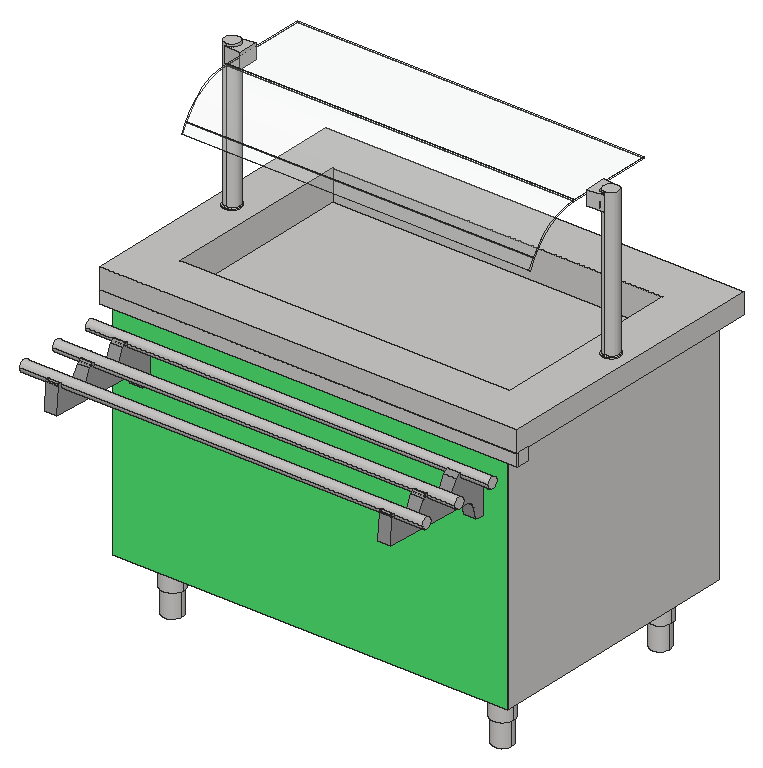
Revit family "QF_BOURGEAT_Self_meuble_cuve_froid_statique_baie_libre_3GN", category Equipement spécialisé, Revit 2015
Parameters (values of type "baie _libre_cuve90_presentoir_lampe_LED")
  profondeur_cuve = 90 mm
  presentoir = yes
  porte_reserve = no
  etageres = no
  URL catalogue = "http://www.bourgeat.fr"
  URL = ""
  Type de Raccord Electrique = ""
  Type article = ""
  Type Fluide Frigorigène = "R404a"
  Tension = 230 V
  Spécification du Fabricant = "meuble cuve froid statique OASIS"
  Roues = no
  Remarques Electricité = ""
  Puissance électrique  = 724 W
  Puissance frigorifique = "272W"
  Profondeur hors tout = 820 mm
  Poids net à vide = 215.00 kg
  Pieds_centre = no
  Pieds = yes
  Phase = 2
  Niveau Sonore = "60dBa"
  Nature isolant = "polyurethane"
  Modèle = "853093 + 853323"
  Longueur hors tout = 1209 mm
  Intensité nominale = 3.14783 A
  Indice de protection = "21"
  Hauteur hors tout = 900 mm
  Fréquence = 50 Hz
  Fabricant = "BOURGEAT"
  Contact SAV = "0033(0)4.76.32.14.44"
  Classe_climatique = "3"
  Charge_gaz = ""
  Charge max = 200.00 kg
Reference planes
  plane 1 "Centre (avant/arrière)": y = 0
  plane 2: z = 0
  plane 3 "Centre (gauche/droite)": x = 0
  plane 4: y = 812
  plane 5: y = 668.25
  plane 6: y = 97.194
  plane 7: z = 235
  plane 8: z = 515
  plane 9: y = 555
  plane 10: x = -2047
  plane 11: z = 638
Forms (mm)
  Extrusion 1, solid
    sketch origin (-29.925, 3.363, 0) x (1, 0, 0) y (0, 1, 0)
      loop
        circle (-2016.075, 551.637) r 5
    from 154.552 to 160
  Extrusion 2, solid, material "Acier inoxydable, brossé"
    sketch origin (0, 0, 0) x (1, 0, 0) y (0, 1, 0)
      loop
        line (-1178, 760) -> (-1589, 760) -> (-1589, 80) -> (-1178, 80) -> (-1178, 760)
    from 160 to 197
Dimensions and locks
  locked: plane 4 to nested 1 at 47
  locked: nested 1 to plane 6 at 97.194
  locked: nested 1 to plane 5 at 96.75
  nested 2 to nested 1 = 561 mm
  nested 1 to nested 2 = 237 mm
  plane 8 to nested 7 = 515 mm
  plane 7 to nested 7 = 235 mm
  plane 3 "Centre (gauche/droite)" to nested 2 = 941 mm
  locked: plane 2 to nested 11 at 727
  locked: nested 1 to nested 11 at 69.625
  locked: plane 4 to plane 9 at 257
  locked: plane 2 to nested 18 at 223
  locked: nested 1 to plane 10 at 69
  locked: plane 11 to plane 2 at 638
  aligned and locked: level to plane 2
  aligned and locked: nested 2 to nested 1  (x2)
  aligned and locked: nested 1 to plane 1 "Centre (avant/arrière)"
  aligned and locked: plane 4 to nested 2
  aligned and locked: nested 2 to nested 3  (x2)
  aligned and locked: nested 1 to nested 6
  aligned and locked: nested 1 to nested 7
  aligned and locked: nested 1 to nested 5
  aligned and locked: nested 1 to nested 4
  aligned and locked: nested 6 to plane 2
  aligned and locked: nested 2 to nested 5
  aligned and locked: nested 2 to nested 4
  aligned and locked: nested 6 to plane 5
  aligned and locked: nested 7 to plane 6
  aligned and locked: nested 4 to plane 5
  aligned and locked: nested 5 to plane 6
  aligned and locked: nested 3 to nested 2
  aligned and locked: nested 6 to nested 2
  aligned and locked: nested 7 to nested 2
  aligned and locked: nested 9 to nested 1  (x2)
  aligned and locked: nested 8 to nested 1  (x2)
  aligned and locked: nested 9 to plane 8
  aligned and locked: nested 8 to plane 7
  aligned and locked: nested 10 to nested 1
  aligned and locked: nested 1 to nested 11
  aligned and locked: Extrusion 1 to nested 1
  aligned and locked: nested 6 to nested 15  (x2)
  aligned and locked: nested 4 to nested 12  (x2)
  aligned and locked: nested 5 to nested 13  (x2)
  aligned and locked: nested 7 to nested 14  (x2)
  aligned and locked: Extrusion 1 sketch curve to plane 9
  aligned and locked: nested 1 to Extrusion 1 sketch curve
  aligned and locked: nested 1 to nested 14
  aligned and locked: nested 1 to nested 15
  aligned and locked: nested 1 to nested 13
  aligned and locked: nested 1 to nested 12
  aligned and locked: Extrusion 2 sketch curve to nested 1  (x2)
  aligned and locked: nested 1 to Extrusion 2 sketch curve
  aligned and locked: Extrusion 2 sketch curve to nested 10
  aligned and locked: nested 17 to nested 16
  aligned and locked: nested 2 to nested 17
  aligned and locked: nested 17 to plane 6
  aligned and locked: nested 16 to plane 5
  aligned and locked: nested 18 to nested 1
  aligned and locked: nested 18 to plane 10
  aligned and locked: nested 19 to nested 2
  aligned and locked: nested 19 to nested 1
  aligned and locked: plane 11 to nested 19
Nested families
  nested 1: "corps_meuble" at (-975, 0, 160), type "corps_meuble"
  nested 2: "cuve" at (-1545.5, 402, 808), type "cuve_30"
  nested 3: "presentoir" at (-1545.5, 402, 551.997) x (0, 1, 0) z (0, 0, 1), visible <- "presentoir", type "presentoir"
  nested 4: "pied" at (-1068, 668.25, 0), visible <- "Pieds", type "pied"
  nested 5: "pied" at (-1068, 97.194, 0), visible <- "Pieds", type "pied"
  nested 6: "pied" at (-2023, 668.25, 0), visible <- "Pieds", type "pied"
  nested 7: "pied" at (-2023, 97.194, 0), visible <- "Pieds", type "pied"
  nested 8: "etagere" at (-1383.5, 80, 197) x (-1, 0, 0) z (0, 0, 1), visible <- "etageres", type "etagere"
  nested 9: "etagere" at (-1383.5, 80, 477) x (-1, 0, 0) z (0, 0, 1), visible <- "etageres", type "etagere"
  nested 10: "bandeau_h83" at (-1383.5, 760, 757), type "bandeau_h83"
  nested 11: "IHM_horizontal" at (-1951.875, 765, 727) x (-1, 0, 0) z (0, 0, 1), type "IHM_horizontal"
  nested 12: "roue_ht160" at (-1068, 668.25, -0.21), visible <- "Roues", type "roue_ht160"
    with Sans frein yes, Avec frein yes
  nested 13: "roue_ht160" at (-1068, 97.194, -0.21), visible <- "Roues", type "roue_ht160"
    with Sans frein yes, Avec frein yes
  nested 14: "roue_ht160" at (-2023, 97.194, -0.21), visible <- "Roues", type "roue_ht160"
    with Sans frein yes, Avec frein yes
  nested 15: "roue_ht160" at (-2023, 668.25, -0.21), visible <- "Roues", type "roue_ht160"
    with Sans frein yes, Avec frein yes
  nested 16: "pied" at (-1545.5, 668.25, 0), visible <- "Pieds_centre", type "pied"
  nested 17: "pied" at (-1545.5, 97.194, 0), visible <- "Pieds_centre", type "pied"
  nested 18: "porte_groupe_froid" at (-1827, 775, 53), type "lg440"
  nested 19: "barre_et_console" at (-1545.5, 0, 463) x (-1, 0, 0) z (0, 0, 1), type "barre_et_console"
Connectors
  electrical at (-2046, 555, 154.552), driven by "Tension"
    settings: on Extrusion 1, index 1, voltage 230 V, apparent load 0 VA, apparent load phase1 700 VA, apparent load phase2 0 VA, apparent load phase3 0 VA, power factor 1, load classification "Autre", number of poles 2, system type 30, power factor state 1, is connector primary yes, connector utility no, sub classification motor no, connector description ""
Definition of nested family "corps_meuble"
  Parameters (values of type "corps_meuble")
    lg_ouverture_cuve = lg_meuble - 200 mm  # 941 mm
    lg_meuble = Largeur_hors_tout - 68 mm  # 1141 mm
    Largeur_hors_tout = 1209 mm
  Reference planes
    plane 1 "Centre (avant/arrière)": y = 0
    plane 2: z = 0
    plane 3 "Centre (gauche/droite)": x = 0
    plane 4: z = 680
    plane 5: x = -570.5
    plane 6: x = 0
    plane 7: x = -1141
    plane 8: x = -1071
    plane 9: x = -70
    plane 10: x = -614
    plane 11: x = -203
    plane 12: y = 382.5
    plane 13: x = -1044
    plane 14: y = -1
  Forms (mm)
    Extrusion 1, solid
      sketch origin (0, -50.814, 0) x (1, 0, 0) y (0, 1, 0)
        loop
          line (-1141, 815.814) -> (-1141, 50.814) -> (0, 50.814) -> (0, 815.814) -> (-203, 815.814) -> (-203, 130.814) -> (-614, 130.814) -> (-614, 815.814) -> (-1141, 815.814)
      from 0 to 680
    Extrusion 2, void
      sketch origin (0, 0, 0) x (1, 0, 0) y (0, 1, 0)
        loop
          line (-1071, 739.99) -> (-1071, 39.99) -> (-70, 39.99) -> (-70, 739.99) -> (-1071, 739.99)
      from 588.119 to 680
    Extrusion 3, solid
      sketch origin (0, 0, 0) x (1, 0, 0) y (0, 0, 1)
        loop
          line (-1141, 680) -> (-1141, 0) -> (0, 0) -> (0, 680) -> (-1141, 680)
      from 0 to 1
  Cuts and joins
    Extrusion 2 cuts Extrusion 1
  Dimensions and locks
    locked: plane 4 to plane 2 at 680
    locked: plane 7 to plane 8 at 70
    "lg_meuble": plane 7 to plane 3 "Centre (gauche/droite)"
    equal spacing: plane 7, plane 5, plane 3 "Centre (gauche/droite)"
    locked: plane 7 to plane 10 at 527
    locked: plane 11 to plane 3 "Centre (gauche/droite)" at 203
    locked: plane 9 to plane 3 "Centre (gauche/droite)" at 70
    locked: plane 7 to plane 13 at 97
    aligned and locked: level to plane 2
    aligned and locked: Extrusion 1 sketch curve to Extrusion 1 sketch curve
    aligned and locked: plane 4 to Extrusion 1
    aligned and locked: plane 3 "Centre (gauche/droite)" to plane 6
    aligned and locked: plane 9 to Extrusion 2
    aligned and locked: plane 3 "Centre (gauche/droite)" to cut or joined group of Extrusion 1, Extrusion 2
    aligned and locked: cut or joined group of Extrusion 1, Extrusion 2 to plane 7
    aligned and locked: cut or joined group of Extrusion 1, Extrusion 2 to plane 8
    aligned and locked: plane 10 to cut or joined group of Extrusion 1, Extrusion 2
    aligned and locked: cut or joined group of Extrusion 1, Extrusion 2 to plane 11
    aligned and locked: Extrusion 3 sketch curve to cut or joined group of Extrusion 1, Extrusion 2  (x4)
    aligned and locked: Extrusion 3 to plane 14
  Automatic sketch dimensions
    Extrusion 1 sketch curve to plane 1 "Centre (avant/arrière)" = 0 mm
    Extrusion 1 sketch curve to Extrusion 1 sketch curve = 685 mm
    Extrusion 1 sketch curve to plane 3 "Centre (gauche/droite)" = 0 mm
    Extrusion 1 sketch curve to plane 5 = 43.5 mm
    Extrusion 1 sketch curve to plane 5 = 570.5 mm
    Extrusion 1 sketch curve to plane 1 "Centre (avant/arrière)" = 80 mm
    Extrusion 1 sketch curve to Extrusion 1 sketch curve = 765 mm
    Extrusion 1 sketch curve to plane 9 = 133 mm
    Extrusion 2 sketch curve to plane 8 = 0 mm
    Extrusion 2 sketch curve to plane 9 = 0 mm
    Extrusion 2 sketch curve to plane 1 "Centre (avant/arrière)" = 39.99 mm
    plane 12 to Extrusion 2 sketch curve = 357.49 mm
Definition of nested family "cuve"
  Parameters (values of type "cuve_30")
    profondeur_cuve = 90 mm
    lg_cuve = 1209 mm
  Reference planes
    plane 1 "Centre (avant/arrière)": y = 0
    plane 2: z = 0
    plane 3 "Centre (gauche/droite)": x = 0
    plane 4: y = 410
    plane 5: y = -410
    plane 6: x = -604.5
    plane 7: x = 604.5
    plane 8: z = 92
    plane 9: y = 277
    plane 10: y = -277
    plane 11: x = 477.5
    plane 12: x = -477.5
    plane 13: z = 2
    plane 14: y = -279
    plane 15: x = -479.5
    plane 16: y = 279
    plane 17: x = 479.5
    plane 18: z = 32
    plane 19: y = -408
    plane 20: z = 82
    plane 21: z = -4
  Forms (mm)
    Extrusion 1, solid
      sketch origin (12, -10, 0) x (1, 0, 0) y (0, 1, 0)
        loop
          line (-616.5, 420) -> (-616.5, -400) -> (592.5, -400) -> (592.5, 420) -> (-616.5, 420)
      from 0 to 92
    Extrusion 2, void
      sketch origin (0, 0, 0) x (1, 0, 0) y (0, 1, 0)
        loop
          line (-477.5, 277) -> (-477.5, -277) -> (477.5, -277) -> (477.5, 277) -> (-477.5, 277)
      from 2 to 250
    Extrusion 3, void
      sketch origin (0, 0, 0) x (1, 0, 0) y (0, 1, 0)
        loop
          line (-479.5, 279) -> (-479.5, -279) -> (479.5, -279) -> (479.5, 279) -> (-479.5, 279)
        loop
          line (-674.5, 480) -> (-674.5, -480) -> (674.5, -480) -> (674.5, 480) -> (-674.5, 480)
      from 0 to 32
    Extrusion 4, solid
      sketch origin (0, 0, 0) x (1, 0, 0) y (0, 1, 0)
        loop
          line (-604.5, -408) -> (-604.5, -410) -> (604.5, -410) -> (604.5, -408) -> (-604.5, -408)
      from -4 to 32
    Extrusion 5, solid
      sketch origin (0, 0, 0) x (0, 1, 0) y (0, 0, 1)
        loop
          line (-408, -4) -> (-370, -4) -> (-370, 32) -> (-408, 32) -> (-408, -4)
      from -604.5 to 604.5
  Cuts and joins
    Extrusion 2, Extrusion 3 cuts Extrusion 1
  Dimensions and locks
    equal spacing: plane 4, plane 1 "Centre (avant/arrière)", plane 5, locked at 410 each
    plane 4 to plane 5 = 820 mm
    equal spacing: plane 6, plane 3 "Centre (gauche/droite)", plane 7
    "lg_cuve": plane 6 to plane 7
    plane 8 to plane 2 = 92 mm
    locked: plane 5 to plane 10 at 133
    locked: plane 4 to plane 9 at 133
    locked: plane 11 to plane 7 at 127
    locked: plane 6 to plane 12 at 127
    locked: plane 16 to plane 9 at 2
    locked: plane 15 to plane 12 at 2
    locked: plane 14 to plane 10 at 2
    locked: plane 11 to plane 17 at 2
    locked: Extrusion 3 sketch curve to plane 6 at 70
    locked: Extrusion 3 sketch curve to plane 5 at 70
    locked: plane 7 to Extrusion 3 sketch curve at 70
    locked: Extrusion 3 sketch curve to plane 4 at 70
    locked: plane 8 to plane 18 at 60
    locked: plane 5 to plane 19 at 2
    locked: plane 21 to plane 18 at 36
    locked: cut or joined group of Extrusion 1, Extrusion 2, Extrusion 3 to cut or joined group of Extrusion 1, Extrusion 2, Extrusion 3 at 554
    "profondeur_cuve": plane 8 to plane 13
    aligned and locked: plane 2 to level
    aligned and locked: plane 6 to Extrusion 1 sketch curve
    aligned and locked: Extrusion 1 sketch curve to plane 7
    aligned and locked: plane 8 to Extrusion 1
    aligned and locked: plane 4 to Extrusion 1
    aligned and locked: plane 5 to Extrusion 1
    aligned and locked: Extrusion 2 sketch curve to plane 9
    aligned and locked: Extrusion 2 sketch curve to plane 12
    aligned and locked: Extrusion 2 sketch curve to plane 10
    aligned and locked: Extrusion 2 sketch curve to plane 11
    aligned and locked: cut or joined group of Extrusion 1, Extrusion 2, Extrusion 3 to plane 13
    aligned and locked: Extrusion 3 sketch curve to plane 16
    aligned and locked: Extrusion 3 sketch curve to plane 15
    aligned and locked: Extrusion 3 sketch curve to plane 14
    aligned and locked: Extrusion 3 sketch curve to plane 17
    aligned and locked: cut or joined group of Extrusion 1, Extrusion 2, Extrusion 3 to plane 18
    aligned and locked: Extrusion 4 sketch curve to plane 19
    aligned and locked: plane 6 to Extrusion 4 sketch curve
    aligned and locked: Extrusion 4 sketch curve to cut or joined group of Extrusion 1, Extrusion 2, Extrusion 3  (x2)
    aligned and locked: cut or joined group of Extrusion 1, Extrusion 2, Extrusion 3 to Extrusion 4
    aligned and locked: plane 18 to Extrusion 5 sketch curve
    aligned and locked: Extrusion 4 to Extrusion 5 sketch curve
    aligned and locked: cut or joined group of Extrusion 1, Extrusion 2, Extrusion 3 to Extrusion 5
    aligned and locked: Extrusion 5 to cut or joined group of Extrusion 1, Extrusion 2, Extrusion 3
    aligned and locked: plane 21 to Extrusion 5 sketch curve
    aligned and locked: Extrusion 4 to Extrusion 5
  Automatic sketch dimensions
    Extrusion 1 sketch curve to plane 5 = 0 mm
    plane 4 to Extrusion 1 sketch curve = 0 mm
    Extrusion 5 sketch curve to plane 5 = 2 mm
    Extrusion 5 sketch curve to Extrusion 5 sketch curve = 38 mm
Definition of nested family "presentoir"
  Parameters (values of type "presentoir")
    lg_presentoir = lg_ht - 112 mm  # 1097 mm
    lg_ht = 1209 mm
  Reference planes
    plane 1 "Centre (avant/arrière)": y = 0
    plane 2: z = 0
    plane 3 "Centre (gauche/droite)": x = 0
    plane 4: x = 0
    plane 5: y = 0
    plane 6: z = 348.003
    plane 7: z = 775.003
    plane 8: z = 353.003
    plane 9: z = 770.54
    plane 10: z = 727.003
    plane 11: y = 548.5
    plane 12: y = -548.5
    plane 13: y = 548.5
    plane 14: y = -548.5
  Forms (mm)
    Extrusion 1, solid
      sketch origin (0, 0, 0) x (1, 0, 0) y (0, 0, 1)
        loop
          line (-240.07, 650.474) -> (-234.874, 647.474) -> (-219.875, 673.453)
          arc (-219.875, 673.453) -> (-158.748, 734.58) -> (-75.248, 756.953) r 167
          line (-75.248, 756.953) -> (179.75, 756.953) -> (179.75, 762.953) -> (-75.248, 762.953)
          arc (-75.248, 762.953) -> (-161.33, 740.45) -> (-224.372, 677.664) r 170.59
          line (-224.372, 677.664) -> (-240.07, 650.474)
      from -503.5 to 503.5
    Extrusion 2, solid
      sketch origin (0, 0, 0) x (1, 0, 0) y (0, 1, 0)
        loop
          line (-25, 548.5) -> (-30.461, 503.5) -> (30.461, 503.5) -> (25, 548.5)
          arc (25, 548.5) -> (0, 523.5) -> (-25, 548.5) r 25
        loop
          arc (-25, -548.5) -> (0, -523.5) -> (25, -548.5) r 25
          line (25, -548.5) -> (30.461, -503.5) -> (-30.461, -503.5) -> (-25, -548.5)
      from 727.003 to 770.54
    Extrusion 3, solid
      sketch origin (0, -396.5, 0) x (1, 0, 0) y (0, 1, 0)
        loop
          circle (0, 945) r 21.2
        loop
          circle (0, -152) r 21.2
      from 353.003 to 775.003
    Revolve 4, solid
      sketch origin (0, 0, 0) x (0, 1, 0) y (0, 0, 1)
        loop
          line (-548.5, 353.003) -> (-569.7, 353.003) -> (-573.5, 349.203) -> (-573.5, 348.003) -> (-548.5, 348.003) -> (-548.5, 353.003)
        axis (-548.5, 353.003) -> (-548.5, 348.003)
      angle from 0 to 360
    Revolve 5, solid
      sketch origin (0, 0, 0) x (0, -1, 0) y (0, 0, 1)
        loop
          line (-548.5, 353.003) -> (-569.7, 353.003) -> (-573.5, 349.203) -> (-573.5, 348.003) -> (-548.5, 348.003) -> (-548.5, 353.003)
        axis (-548.5, 353.003) -> (-548.5, 348.003)
      angle from 0 to 360
  Dimensions and locks
    equal spacing: plane 11, plane 1 "Centre (avant/arrière)", plane 12
    "lg_presentoir": plane 11 to plane 12
    locked: Extrusion 2 sketch curve to plane 14 at 45
    locked: plane 13 to Extrusion 2 sketch curve at 45
    aligned and locked: level to plane 2
    aligned and locked: plane 3 "Centre (gauche/droite)" to plane 4
    aligned and locked: Extrusion 3 to plane 7
    aligned and locked: plane 8 to Extrusion 3
    aligned and locked: Extrusion 2 to plane 9
    aligned and locked: plane 10 to Extrusion 2
    aligned and locked: plane 1 "Centre (avant/arrière)" to plane 5
    aligned and locked: plane 11 to Extrusion 3
    aligned and locked: plane 12 to Extrusion 3
    aligned and locked: plane 13 to plane 11
    aligned and locked: plane 14 to plane 12
    aligned and locked: Extrusion 1 to Extrusion 2  (x2)
  Automatic sketch dimensions
    Extrusion 1 sketch curve to plane 3 "Centre (gauche/droite)" = 240.07 mm
    plane 10 to Extrusion 1 sketch curve = 79.529 mm
    Extrusion 1 sketch curve to Extrusion 1 sketch curve = 5.196 mm
    plane 10 to Extrusion 1 sketch curve = 49.34 mm
    Extrusion 1 sketch curve to Extrusion 1 sketch curve = 15.698 mm
    plane 10 to Extrusion 1 sketch curve = 53.55 mm
    Extrusion 1 sketch curve to plane 3 "Centre (gauche/droite)" = 76.636 mm
    Extrusion 1 sketch curve to Extrusion 1 sketch curve = 1.388 mm
    Extrusion 1 sketch curve to Extrusion 1 sketch curve = 0 mm
    plane 9 to Extrusion 1 sketch curve = 13.587 mm
    plane 3 "Centre (gauche/droite)" to Extrusion 1 sketch curve = 179.75 mm
    Extrusion 1 sketch curve to Extrusion 1 sketch curve = 2.415 mm
    Extrusion 2 sketch curve to plane 14 = 0 mm
    plane 11 to Extrusion 2 sketch curve = 0 mm
    Extrusion 2 sketch curve to plane 3 "Centre (gauche/droite)" = 0 mm  (x2)
    Extrusion 2 sketch curve to Extrusion 2 sketch curve = 25 mm  (x2)
    Extrusion 2 sketch curve to plane 3 "Centre (gauche/droite)" = 30.461 mm  (x2)
    plane 3 "Centre (gauche/droite)" to Extrusion 2 sketch curve = 30.461 mm  (x2)
    Extrusion 3 sketch curve to plane 3 "Centre (gauche/droite)" = 0 mm  (x2)
    Extrusion 3 sketch curve to plane 12 = 0 mm
    plane 11 to Extrusion 3 sketch curve = 0 mm
    Revolve 4 sketch curve to plane 6 = 0 mm
    Revolve 4 sketch curve to plane 8 = 0 mm
    Revolve 4 sketch curve to plane 12 = 0 mm  (x2)
    Revolve 4 sketch curve to Revolve 4 sketch curve = 21.2 mm
    Revolve 4 sketch curve to Revolve 4 sketch curve = 3.8 mm
    Revolve 4 sketch curve to Revolve 4 sketch curve = 1.2 mm
    Revolve 4 sketch curve to plane 6 = 14.256 mm
    plane 8 to Revolve 4 sketch curve = 30.744 mm
    Revolve 5 sketch curve to plane 6 = 0 mm
    plane 8 to Revolve 5 sketch curve = 0 mm
    Revolve 5 sketch curve to plane 11 = 0 mm  (x2)
    Revolve 5 sketch curve to plane 11 = 21.2 mm
    Revolve 5 sketch curve to Revolve 5 sketch curve = 3.8 mm
    Revolve 5 sketch curve to Revolve 5 sketch curve = 1.2 mm
    plane 6 to Revolve 5 sketch curve = 14.256 mm
    Revolve 5 sketch curve to Revolve 5 sketch curve = 30.744 mm
    radius of Extrusion 3 sketch curve = 21.2 mm  (x2)
Definition of nested family "pied"
  Reference planes
    plane 1 "Centre (avant/arrière)": y = 0
    plane 2: z = 0
    plane 3 "Centre (gauche/droite)": x = 0
  Forms (mm)
    Revolve 1, solid
      sketch origin (0, 0, 0) x (1, 0, 0) y (0, 0, 1)
        loop
          line (0, 160) -> (-33, 160) -> (-33, 70) -> (-28, 70) -> (-28, 0) -> (0, 0) -> (0, 160)
        axis (0, 160) -> (0, 0)
      angle from 0 to 360
  Dimensions and locks
    plane 3 "Centre (gauche/droite)" to Revolve 1 sketch curve = 28 mm
    Revolve 1 sketch curve to plane 3 "Centre (gauche/droite)" = 33 mm
    Revolve 1 sketch curve to plane 2 = 70 mm
    Revolve 1 sketch curve to Revolve 1 sketch curve = 90 mm
    aligned and locked: level to plane 2
Definition of nested family "etagere"
  Parameters (values of type "etagere")
    lg_ht = 1209 mm
    lg_etagere = lg_ht - (561 mm + 237 mm)  # 411 mm
  Reference planes
    plane 1 "Centre (avant/arrière)": y = 0
    plane 2: z = 0
    plane 3 "Centre (gauche/droite)": x = 0
    plane 4: y = -625
    plane 5: y = -623
    plane 6: y = -2
    plane 7: x = 0
  Forms (mm)
    Extrusion 1, solid
      sketch origin (0, 0, 0) x (0, 1, 0) y (0, 0, 1)
        loop
          line (0, 119.481) -> (-2, 119.481) -> (-2, 40) -> (-625, 40) -> (-625, 0) -> (-623, 0) -> (-623, 38) -> (0, 38) -> (0, 119.481)
      from -205.5 to 205.5
  Dimensions and locks
    locked: plane 6 to plane 1 "Centre (avant/arrière)" at 2
    locked: plane 4 to plane 5 at 2
    plane 4 to plane 1 "Centre (avant/arrière)" = 625 mm
    equal spacing: Extrusion 1, plane 7, Extrusion 1
    "lg_etagere": Extrusion 1 to Extrusion 1
    aligned and locked: level to plane 2
    aligned and locked: plane 2 to Extrusion 1 sketch curve
    aligned and locked: plane 1 "Centre (avant/arrière)" to Extrusion 1 sketch curve
    aligned and locked: plane 4 to Extrusion 1
    aligned and locked: plane 5 to Extrusion 1
    aligned and locked: Extrusion 1 to plane 6
    aligned and locked: plane 3 "Centre (gauche/droite)" to plane 7
  Automatic sketch dimensions
    Extrusion 1 sketch curve to plane 4 = 0 mm
    Extrusion 1 sketch curve to plane 5 = 0 mm
    Extrusion 1 sketch curve to plane 6 = 0 mm
    level to Extrusion 1 sketch curve = 38 mm
    Extrusion 1 sketch curve to Extrusion 1 sketch curve = 2 mm
    Extrusion 1 sketch curve to Extrusion 1 sketch curve = 79.481 mm
Definition of nested family "bandeau_h83"
  Parameters (values of type "bandeau_h83")
    lg_ht = 1209 mm
    lg_bandeau = lg_ht - (561 mm + 237 mm)  # 411 mm
  Reference planes
    plane 1 "Centre (avant/arrière)": y = 0
    plane 2: z = 0
    plane 3 "Centre (gauche/droite)": x = 0
    plane 4: x = -205.5
    plane 5: x = 205.5
    plane 6: y = 5
    plane 7: z = 83
  Forms (mm)
    Extrusion 1, solid
      sketch origin (476, 10, 0) x (1, 0, 0) y (0, 1, 0)
        loop
          line (-681.5, -10) -> (-270.5, -10) -> (-270.5, -5) -> (-681.5, -5) -> (-681.5, -10)
      from 0 to 83
  Dimensions and locks
    plane 7 to plane 2 = 83 mm
    locked: plane 1 "Centre (avant/arrière)" to plane 6 at 5
    "lg_bandeau": plane 4 to plane 5
    equal spacing: plane 4, plane 3 "Centre (gauche/droite)", plane 5
    aligned and locked: level to plane 2
    aligned and locked: Extrusion 1 to plane 4
    aligned and locked: plane 5 to Extrusion 1
    aligned and locked: Extrusion 1 to plane 6
    aligned and locked: plane 7 to Extrusion 1
    aligned and locked: plane 1 "Centre (avant/arrière)" to Extrusion 1
  Automatic sketch dimensions
    Extrusion 1 sketch curve to plane 4 = 0 mm
    Extrusion 1 sketch curve to plane 5 = 0 mm
    plane 1 "Centre (avant/arrière)" to Extrusion 1 sketch curve = 0 mm
    Extrusion 1 sketch curve to plane 6 = 0 mm
Definition of nested family "IHM_horizontal"
  Reference planes
    plane 1 "Centre (avant/arrière)": y = 0
    plane 2: z = 0
    plane 3 "Centre (gauche/droite)": x = 0
    plane 4: y = -10
    plane 5: y = -13
  Forms (mm)
    Extrusion 1, solid
      sketch origin (-374.736, 0, -402) x (1, 0, 0) y (0, 0, 1)
        loop
          line (280.236, 402) -> (469.236, 402) -> (469.236, 440) -> (280.236, 440) -> (280.236, 402)
      from 0 to 10
    Extrusion 2, solid
      sketch origin (0, 0, 0) x (1, 0, 0) y (0, 0, 1)
        loop
          line (-89.496, 32.01) -> (-89.496, 7.01) -> (90.504, 7.01) -> (90.504, 32.01) -> (-89.496, 32.01)
      from 10 to 13
  Dimensions and locks
    plane 4 to plane 1 "Centre (avant/arrière)" = 10 mm
    aligned and locked: level to plane 2
    aligned and locked: Extrusion 1 to plane 4
    aligned and locked: Extrusion 2 to plane 5
    aligned and locked: plane 4 to Extrusion 2
Definition of nested family "roue_ht160"
  Parameters (values of type "roue_ht160")
    Sans frein [instance] = yes
    Avec frein [instance] = yes
  Reference planes
    plane 1 "Centre (avant/arrière)": y = 0
    plane 2: z = 0
    plane 3 "Centre (gauche/droite)": x = 0
    plane 4: y = 40.851
    plane 5: z = 62.5
  Forms (mm)
    Extrusion 1, solid
      sketch origin (0, 0, 0) x (0, 1, 0) y (0, 0, 1)
        loop
          circle (40.851, 62.5) r 62.5
        loop
          circle (40.851, 62.5) r 57.5
      from -12.5 to 12.5
    Revolve 2, solid
      sketch origin (0, 0, 0) x (0, 1, 0) y (0, 0, 1)
        loop
          line (0, 160.21) -> (-20.149, 160.21) -> (-20.149, 159.41) -> (-21.6, 159.41)
          arc (-21.6, 159.41) -> (-24.448, 158.65) -> (-26.537, 156.572) r 5.712
          line (-26.537, 156.572) -> (-30.146, 147.743) -> (-26.999, 147.062) -> (-26.999, 146.112)
          arc (-26.999, 146.112) -> (-27.23, 145.314) -> (-27.849, 144.761) r 1.5
          arc (-27.849, 144.761) -> (-29.223, 143.633) -> (-29.923, 142) r 3.75
          line (-29.923, 142) -> (0, 142) -> (0, 160.21)
        axis (0, 160.21) -> (0, 142)
      angle from 0 to 360
    Extrusion 3, solid
      sketch origin (0, 0, 0) x (0, 1, 0) y (0, 0, -1)
        loop
          line (-29.974, -138.241) -> (-29.974, -142) -> (21.747, -142) -> (21.747, -60.336)
          arc (21.747, -60.336) -> (10.272, -70.702) -> (-0.149, -82.127) r 160.057
          arc (-0.149, -82.127) -> (-17.883, -108.684) -> (-29.974, -138.241) r 159.585
      from -24.913 to -23.038
    Extrusion 4, solid
      sketch origin (0, 0, 0) x (0, 1, 0) y (0, 0, 1)
        loop
          line (-29.974, 142) -> (-29.974, 140.869) -> (21.747, 140.869) -> (21.747, 142) -> (-29.974, 142)
      from -23.038 to 23.038
    Extrusion 5, solid
      sketch origin (0, 0, 0) x (0, 1, 0) y (0, 0, 1)
        loop
          circle (40.851, 62.5) r 57.5
        loop
          circle (40.851, 62.5) r 55
      from -12.5 to 12.5
    Extrusion 6, solid
      sketch origin (0, 0, 0) x (0, 1, 0) y (0, 0, 1)
        loop
          circle (40.851, 62.5) r 55
      from -7 to 7
    Extrusion 7, solid
      sketch origin (0, 0, 0) x (0, 1, 0) y (0, 0, 1)
        loop
          circle (40.851, 62.5) r 21
      from 7 to 15
    Extrusion 8, solid
      sketch origin (0, 0, 0) x (0, 1, 0) y (0, 0, -1)
        loop
          circle (40.851, -62.5) r 16
      from -23.038 to -15
    Extrusion 9, solid, visible <- "Sans frein"
      sketch origin (0, 0, 0) x (0, 1, 0) y (0, 0, 1)
        loop
          arc (21.747, 60.336) -> (23.188, 59.17) -> (24.642, 58.02) r 161.23
          arc (24.642, 58.02) -> (29.34, 54.513) -> (34.187, 51.216) r 133.333
          arc (34.187, 51.216) -> (46.517, 50.3) -> (53.927, 60.198) r 12.867
          arc (53.927, 60.198) -> (54.714, 99.183) -> (46.119, 137.216) r 161.222
          arc (46.119, 137.216) -> (45.679, 138.887) -> (45.531, 140.609) r 10.076
          line (45.531, 140.609) -> (45.531, 142) -> (21.747, 142) -> (21.747, 60.336)
      from 23.038 to 24.913
    Extrusion 10, solid, visible <- "Sans frein"
      sketch origin (0, 0, 0) x (0, 1, 0) y (0, 0, 1)
        loop
          line (21.747, 142) -> (21.747, 140.701) -> (48.851, 140.701) -> (48.851, 142) -> (21.747, 142)
      from -23.038 to 23.038
    Extrusion 11, solid, visible <- "Avec frein"
      sketch origin (0, 0, 0) x (0, 1, 0) y (0, 0, 1)
        loop
          line (21.747, 142) -> (21.747, 60.336)
          arc (21.747, 60.336) -> (23.177, 59.179) -> (24.62, 58.038) r 160.008
          arc (24.62, 58.038) -> (29.041, 54.705) -> (33.574, 51.527) r 160
          arc (33.574, 51.527) -> (46.135, 50.422) -> (53.724, 60.491) r 13
          arc (53.724, 60.491) -> (55.279, 82.092) -> (53.902, 103.704) r 160
          arc (53.902, 103.704) -> (55.53, 108.653) -> (60.415, 110.463) r 6
          arc (60.415, 110.463) -> (80.625, 109.924) -> (100.725, 112.107) r 150
          arc (100.725, 112.107) -> (104.408, 113.406) -> (107.479, 115.819) r 12
          line (107.479, 115.819) -> (110.851, 121.523)
          arc (110.851, 121.523) -> (85.913, 134.651) -> (58.706, 142) r 127.902
          line (58.706, 142) -> (21.747, 142)
      from 23.038 to 24.913
    Extrusion 12, solid, visible <- "Avec frein"
      sketch origin (0, 0, 0) x (0, 1, 0) y (0, 0, 1)
        loop
          line (58.706, 142) -> (21.747, 142) -> (21.747, 140) -> (58.552, 140)
          arc (58.552, 140) -> (85.253, 132.762) -> (109.73, 119.866) r 125.902
          line (109.73, 119.866) -> (110.851, 121.523)
          arc (110.851, 121.523) -> (85.913, 134.651) -> (58.706, 142) r 127.902
      from -23.038 to 23.038
    Extrusion 13, solid, visible <- "Avec frein"
      sketch origin (0, 19.896, 18.175) x (0, 1, 0) y (0, 0, 1)
        loop
          line (87.583, 97.644) -> (91.829, 95.227)
          arc (91.829, 95.227) -> (93.8, 95.006) -> (95.312, 96.29) r 2.5
          arc (95.312, 96.29) -> (103.495, 100.002) -> (111.176, 104.666) r 74.999
          line (111.176, 104.666) -> (110.852, 105.929)
          arc (110.852, 105.929) -> (110.04, 107.086) -> (108.666, 107.417) r 2
          arc (108.666, 107.417) -> (101.396, 105.849) -> (94.512, 103.034) r 42.354
          line (94.512, 103.034) -> (93.479, 101.228) -> (93.285, 100.414) -> (91.69, 101.675) -> (90.401, 102.412) -> (87.583, 97.644)
      from -23.038 to 23.038
    Extrusion 14, solid, not visible
      sketch origin (0, 0, 0) x (0, 1, 0) y (0, 0, -1)
        loop
          line (-29.974, -138.241) -> (-29.974, -142) -> (21.747, -142) -> (21.747, -60.336)
          arc (21.747, -60.336) -> (10.272, -70.702) -> (-0.149, -82.127) r 160.057
          arc (-0.149, -82.127) -> (-17.883, -108.684) -> (-29.974, -138.241) r 159.585
      from -24.913 to -23.038
    Extrusion 15, solid, not visible
      sketch origin (0, 0, 0) x (0, 1, 0) y (0, 0, 1)
        loop
          circle (40.851, 62.5) r 21
      from 7 to 15
    Extrusion 16, solid, not visible
      sketch origin (0, 0, 0) x (0, 1, 0) y (0, 0, -1)
        loop
          circle (40.851, -62.5) r 16
      from -23.038 to -15
    Extrusion 17, solid, visible <- "Sans frein", not visible
      sketch origin (0, 0, 0) x (0, 1, 0) y (0, 0, 1)
        loop
          arc (21.747, 60.336) -> (23.188, 59.17) -> (24.642, 58.02) r 161.23
          arc (24.642, 58.02) -> (29.34, 54.513) -> (34.187, 51.216) r 133.333
          arc (34.187, 51.216) -> (46.517, 50.3) -> (53.927, 60.198) r 12.867
          arc (53.927, 60.198) -> (54.714, 99.183) -> (46.119, 137.216) r 161.222
          arc (46.119, 137.216) -> (45.679, 138.887) -> (45.531, 140.609) r 10.076
          line (45.531, 140.609) -> (45.531, 142) -> (21.747, 142) -> (21.747, 60.336)
      from 23.038 to 24.913
    Extrusion 18, solid, visible <- "Avec frein", not visible
      sketch origin (0, 0, 0) x (0, 1, 0) y (0, 0, 1)
        loop
          line (21.747, 142) -> (21.747, 60.336)
          arc (21.747, 60.336) -> (23.177, 59.179) -> (24.62, 58.038) r 160.008
          arc (24.62, 58.038) -> (29.041, 54.705) -> (33.574, 51.527) r 160
          arc (33.574, 51.527) -> (46.135, 50.422) -> (53.724, 60.491) r 13
          arc (53.724, 60.491) -> (55.279, 82.092) -> (53.902, 103.704) r 160
          arc (53.902, 103.704) -> (55.53, 108.653) -> (60.415, 110.463) r 6
          arc (60.415, 110.463) -> (80.625, 109.924) -> (100.725, 112.107) r 150
          arc (100.725, 112.107) -> (104.408, 113.406) -> (107.479, 115.819) r 12
          line (107.479, 115.819) -> (110.851, 121.523)
          arc (110.851, 121.523) -> (85.913, 134.651) -> (58.706, 142) r 127.902
          line (58.706, 142) -> (21.747, 142)
      from 23.038 to 24.913
    Extrusion 19, solid
      sketch origin (0, 0, 0) x (0, -1, 0) y (0, 0, -1)
        loop
          arc (29.974, -138.241) -> (17.883, -108.684) -> (0.149, -82.127) r 159.585
          arc (0.149, -82.127) -> (-10.272, -70.702) -> (-21.747, -60.336) r 160.057
          line (-21.747, -60.336) -> (-21.747, -142) -> (29.974, -142) -> (29.974, -138.241)
      from -24.913 to -23.038
    Extrusion 20, solid
      sketch origin (0, 0, 0) x (0, -1, 0) y (0, 0, 1)
        loop
          circle (-40.851, 62.5) r 21
      from 7 to 15
    Extrusion 21, solid
      sketch origin (0, 0, 0) x (0, -1, 0) y (0, 0, -1)
        loop
          circle (-40.851, -62.5) r 16
      from -23.038 to -15
    Extrusion 22, solid, visible <- "Sans frein"
      sketch origin (0, 0, 0) x (0, -1, 0) y (0, 0, 1)
        loop
          line (-21.747, 60.336) -> (-21.747, 142) -> (-45.531, 142) -> (-45.531, 140.609)
          arc (-45.531, 140.609) -> (-45.679, 138.887) -> (-46.119, 137.216) r 10.076
          arc (-46.119, 137.216) -> (-54.714, 99.183) -> (-53.927, 60.198) r 161.222
          arc (-53.927, 60.198) -> (-46.517, 50.3) -> (-34.187, 51.216) r 12.867
          arc (-34.187, 51.216) -> (-29.34, 54.513) -> (-24.642, 58.02) r 133.333
          arc (-24.642, 58.02) -> (-23.188, 59.17) -> (-21.747, 60.336) r 161.23
      from 23.038 to 24.913
    Extrusion 23, solid, visible <- "Avec frein"
      sketch origin (0, 0, 0) x (0, -1, 0) y (0, 0, 1)
        loop
          line (-21.747, 142) -> (-58.706, 142)
          arc (-58.706, 142) -> (-85.913, 134.651) -> (-110.851, 121.523) r 127.902
          line (-110.851, 121.523) -> (-107.479, 115.819)
          arc (-107.479, 115.819) -> (-104.408, 113.406) -> (-100.725, 112.107) r 12
          arc (-100.725, 112.107) -> (-80.625, 109.924) -> (-60.415, 110.463) r 150
          arc (-60.415, 110.463) -> (-55.53, 108.653) -> (-53.902, 103.704) r 6
          arc (-53.902, 103.704) -> (-55.279, 82.092) -> (-53.724, 60.491) r 160
          arc (-53.724, 60.491) -> (-46.135, 50.422) -> (-33.574, 51.527) r 13
          arc (-33.574, 51.527) -> (-29.041, 54.705) -> (-24.62, 58.038) r 160
          arc (-24.62, 58.038) -> (-23.177, 59.179) -> (-21.747, 60.336) r 160.008
          line (-21.747, 60.336) -> (-21.747, 142)
      from 23.038 to 24.913
  Dimensions and locks
    aligned and locked: level to plane 2
Definition of nested family "porte_groupe_froid"
  Parameters (values of type "lg440")
    lg_porte_groupe_froid = 440 mm
  Types (4, lengths in mm): name | lg_porte_groupe_froid
    lg569 | 569
    lg790 | 790
    lg767 | 767
    lg440 | 440
  Reference planes
    plane 1 "Centre (avant/arrière)": y = 0
    plane 2: z = 0
    plane 3 "Centre (gauche/droite)": x = 0
    plane 4: z = 170
    plane 5: z = 644
    plane 6: x = 220
    plane 7: x = -220
    plane 8: y = -10
    plane 9: z = 231.5
    plane 10: z = 253
    plane 11: y = -20
    plane 12: x = -185
    plane 13: x = 185
    plane 14: z = 269.5
    plane 15: z = 291
    plane 16: z = 307.5
    plane 17: z = 329
    plane 18: z = 345.5
    plane 19: z = 367
    plane 20: z = 383.5
    plane 21: z = 405
    plane 22: z = 421.5
    plane 23: z = 443
    plane 24: z = 459.5
    plane 25: z = 481
    plane 26: z = 497.5
    plane 27: z = 519
    plane 28: z = 535.5
    plane 29: z = 557
    plane 30: z = 573.5
    plane 31: z = 595
    plane 32: z = 611.5
    plane 33: z = 633
  Forms (mm)
    Extrusion 1, solid
      sketch origin (0, 0, 0) x (1, 0, 0) y (0, 0, 1)
        loop
          line (-220, 644) -> (-220, 170) -> (220, 170) -> (220, 644) -> (-220, 644)
      from 0 to 10
    Extrusion 2, void
      sketch origin (0, 0, 0) x (1, 0, 0) y (0, 0, 1)
        loop
          line (-185, 231.5) -> (185, 231.5) -> (185, 253) -> (-185, 253) -> (-185, 231.5)
      from 0 to 250
    Extrusion 3, void
      sketch origin (0, 0, 38) x (1, 0, 0) y (0, 0, 1)
        loop
          line (-185, 231.5) -> (185, 231.5) -> (185, 253) -> (-185, 253) -> (-185, 231.5)
      from 0 to 250
    Extrusion 4, void
      sketch origin (0, 0, 76) x (1, 0, 0) y (0, 0, 1)
        loop
          line (-185, 231.5) -> (185, 231.5) -> (185, 253) -> (-185, 253) -> (-185, 231.5)
      from 0 to 250
    Extrusion 5, void
      sketch origin (0, 0, 114) x (1, 0, 0) y (0, 0, 1)
        loop
          line (-185, 231.5) -> (185, 231.5) -> (185, 253) -> (-185, 253) -> (-185, 231.5)
      from 0 to 250
    Extrusion 6, void
      sketch origin (0, 0, 152) x (1, 0, 0) y (0, 0, 1)
        loop
          line (-185, 231.5) -> (185, 231.5) -> (185, 253) -> (-185, 253) -> (-185, 231.5)
      from 0 to 250
    Extrusion 7, void
      sketch origin (0, 0, 190) x (1, 0, 0) y (0, 0, 1)
        loop
          line (-185, 231.5) -> (185, 231.5) -> (185, 253) -> (-185, 253) -> (-185, 231.5)
      from 0 to 250
    Extrusion 8, void
      sketch origin (0, 0, 228) x (1, 0, 0) y (0, 0, 1)
        loop
          line (-185, 231.5) -> (185, 231.5) -> (185, 253) -> (-185, 253) -> (-185, 231.5)
      from 0 to 250
    Extrusion 9, void
      sketch origin (0, 0, 266) x (1, 0, 0) y (0, 0, 1)
        loop
          line (-185, 231.5) -> (185, 231.5) -> (185, 253) -> (-185, 253) -> (-185, 231.5)
      from 0 to 250
    Extrusion 10, void
      sketch origin (0, 0, 304) x (1, 0, 0) y (0, 0, 1)
        loop
          line (-185, 231.5) -> (185, 231.5) -> (185, 253) -> (-185, 253) -> (-185, 231.5)
      from 0 to 250
    Extrusion 11, void
      sketch origin (0, 0, 342) x (1, 0, 0) y (0, 0, 1)
        loop
          line (-185, 231.5) -> (185, 231.5) -> (185, 253) -> (-185, 253) -> (-185, 231.5)
      from 0 to 250
    Extrusion 12, void
      sketch origin (0, 0, 380) x (1, 0, 0) y (0, 0, 1)
        loop
          line (-185, 231.5) -> (185, 231.5) -> (185, 253) -> (-185, 253) -> (-185, 231.5)
      from 0 to 250
  Cuts and joins
    Extrusion 2, Extrusion 3, Extrusion 4, Extrusion 5, Extrusion 6, Extrusion 7, Extrusion 8, Extrusion 9, Extrusion 10, Extrusion 11, Extrusion 12 cuts Extrusion 1
  Dimensions and locks
    plane 4 to plane 2 = 170 mm
    locked: plane 5 to plane 4 at 474
    "lg_porte_groupe_froid": plane 7 to plane 6
    plane 8 to plane 1 "Centre (avant/arrière)" = 10 mm
    plane 9 to plane 4 = 61.5 mm
    plane 8 to plane 11 = 10 mm
    equal spacing: plane 7, plane 3 "Centre (gauche/droite)", plane 6
    locked: plane 6 to plane 13 at 35
    locked: plane 12 to plane 7 at 35
    aligned and locked: level to plane 2
    aligned and locked: Extrusion 1 sketch curve to plane 5
    aligned and locked: Extrusion 1 sketch curve to plane 7
    aligned and locked: plane 4 to Extrusion 1 sketch curve
    aligned and locked: Extrusion 1 sketch curve to plane 6
    aligned and locked: Extrusion 1 to plane 8
    aligned and locked: Extrusion 2 sketch curve to plane 9
    aligned and locked: plane 10 to Extrusion 2 sketch curve
    aligned and locked: plane 13 to cut or joined group 1 (Extrusion 1, Extrusion 2, Extrusion 3, Extrusion 4, Extrusion 5, Extrusion 6, Extrusion 7, Extrusion 8, Extrusion 9, Extrusion 10, Extrusion 11, Extrusion 12)  (x11)
    aligned and locked: cut or joined group 1 to plane 13  (x3)
    aligned and locked: cut or joined group 1 to plane 12  (x5)
    aligned and locked: Extrusion 3 sketch curve to plane 14
    aligned and locked: plane 15 to Extrusion 3 sketch curve
    aligned and locked: Extrusion 4 sketch curve to plane 16
    aligned and locked: plane 17 to Extrusion 4 sketch curve
    aligned and locked: Extrusion 5 sketch curve to plane 18
    aligned and locked: plane 19 to Extrusion 5 sketch curve
    aligned and locked: Extrusion 6 sketch curve to plane 20
    aligned and locked: plane 21 to Extrusion 6 sketch curve
    aligned and locked: Extrusion 7 sketch curve to plane 22
    aligned and locked: plane 23 to Extrusion 7 sketch curve
    aligned and locked: Extrusion 8 sketch curve to plane 24
    aligned and locked: plane 25 to Extrusion 8 sketch curve
    aligned and locked: Extrusion 9 sketch curve to plane 26
    aligned and locked: plane 27 to Extrusion 9 sketch curve
    aligned and locked: Extrusion 10 sketch curve to plane 28
    aligned and locked: plane 29 to Extrusion 10 sketch curve
    aligned and locked: Extrusion 11 sketch curve to plane 30
    aligned and locked: plane 31 to Extrusion 11 sketch curve
    aligned and locked: Extrusion 12 sketch curve to plane 32
    aligned and locked: plane 33 to Extrusion 12 sketch curve
    aligned and locked: plane 12 to cut or joined group 1
  Automatic sketch dimensions
    Extrusion 2 sketch curve to Extrusion 2 sketch curve = 370 mm
    Extrusion 3 sketch curve to Extrusion 3 sketch curve = 370 mm
    Extrusion 4 sketch curve to Extrusion 4 sketch curve = 370 mm
    Extrusion 5 sketch curve to Extrusion 5 sketch curve = 370 mm
    Extrusion 6 sketch curve to Extrusion 6 sketch curve = 370 mm
    Extrusion 7 sketch curve to Extrusion 7 sketch curve = 370 mm
    Extrusion 8 sketch curve to Extrusion 8 sketch curve = 370 mm
    Extrusion 7 sketch curve to plane 12 = 0 mm
    Extrusion 6 sketch curve to plane 12 = 0 mm
    Extrusion 5 sketch curve to plane 12 = 0 mm
    Extrusion 4 sketch curve to plane 12 = 0 mm
    Extrusion 3 sketch curve to plane 12 = 0 mm
    Extrusion 2 sketch curve to plane 12 = 0 mm
    Extrusion 9 sketch curve to Extrusion 9 sketch curve = 370 mm
    Extrusion 10 sketch curve to Extrusion 10 sketch curve = 370 mm
    Extrusion 11 sketch curve to Extrusion 11 sketch curve = 370 mm
    Extrusion 12 sketch curve to Extrusion 12 sketch curve = 370 mm
    Extrusion 12 sketch curve to plane 12 = 0 mm
    Extrusion 11 sketch curve to plane 12 = 0 mm
    Extrusion 10 sketch curve to plane 12 = 0 mm
    Extrusion 9 sketch curve to plane 12 = 0 mm
    Extrusion 8 sketch curve to plane 12 = 0 mm
Definition of nested family "barre_et_console"
  Parameters (values of type "barre_et_console")
    lg_ht = 1209 mm
    lg_barre_console = lg_ht - 44 mm  # 1165 mm
  Reference planes
    plane 1 "Centre (avant/arrière)": y = 0
    plane 2: z = 0
    plane 3 "Centre (gauche/droite)": x = 0
    plane 4: x = -582.5
    plane 5: x = 582.5
    plane 6: x = -482.5
    plane 7: x = 482.5
    plane 8: z = 320.378
    plane 9: z = 175
  Dimensions and locks
    locked: plane 4 to plane 6 at 100
    locked: plane 7 to plane 5 at 100
    equal spacing: plane 4, plane 3 "Centre (gauche/droite)", plane 5
    "lg_barre_console": plane 4 to plane 5
    aligned and locked: level to plane 2
    aligned and locked: nested 1 to plane 1 "Centre (avant/arrière)"
    aligned and locked: plane 6 to nested 1
    aligned and locked: plane 7 to nested 2
    aligned and locked: plane 5 to nested 3
    aligned and locked: nested 3 to plane 4
    aligned and locked: plane 8 to nested 3
    aligned and locked: plane 9 to nested 1
  Nested families
    nested 1: "console" at (-482.5, 0, 0) x (0, 1, 0) z (0, 0, 1), type "console"
    nested 2: "console" at (482.5, 0, 0) x (0, 1, 0) z (0, 0, 1), type "console"
    nested 3: "barre" at (582.5, 0, 19.415) x (0, 1, 0) z (0, 0, 1), type "barre"
  Definition of nested family "console"
    Reference planes
      plane 1 "Centre (avant/arrière)": y = 0
      plane 2: z = 0
      plane 3 "Centre (gauche/droite)": x = 0
      plane 4: y = 18
      plane 5: y = -18
      plane 6: y = 0
    Forms (mm)
      Extrusion 1, solid
        sketch origin (-12.245, 0, 175) x (1, 0, 0) y (0, 0, 1)
          loop
            line (12.245, 100) -> (12.245, 0) -> (39.579, 4.82) -> (50.894, 44.279)
            arc (50.894, 44.279) -> (55.986, 52.254) -> (64.592, 56.187) r 16.714
            line (64.592, 56.187) -> (348.499, 69.146) -> (343.309, 143.358)
            arc (343.309, 143.358) -> (342.973, 144.595) -> (342.189, 145.609) r 3.292
            line (342.189, 145.609) -> (337.923, 148.439)
            arc (337.923, 148.439) -> (337.371, 148.545) -> (336.906, 148.229) r 0.731
            arc (336.906, 148.229) -> (320.176, 130.386) -> (309.012, 152.149) r 14.958
            arc (309.012, 152.149) -> (308.597, 152.587) -> (308.001, 152.491) r 0.646
            line (308.001, 152.491) -> (297.265, 144.401) -> (278.874, 108.385)
            arc (278.874, 108.385) -> (262.102, 99.164) -> (245.329, 108.385) r 19.864
            line (245.329, 108.385) -> (229.634, 139.188) -> (217.945, 148.321)
            arc (217.945, 148.321) -> (217.306, 148.53) -> (216.976, 147.944) r 0.53
            arc (216.976, 147.944) -> (200.124, 130.629) -> (188.973, 152.064) r 14.905
            arc (188.973, 152.064) -> (188.691, 152.524) -> (188.154, 152.476) r 0.511
            line (188.154, 152.476) -> (177.098, 144.144) -> (158.855, 108.341)
            arc (158.855, 108.341) -> (142.039, 98.901) -> (125.223, 108.341) r 19.698
            line (125.223, 108.341) -> (109.334, 139.526) -> (97.932, 148.434)
            arc (97.932, 148.434) -> (97.187, 148.438) -> (96.994, 147.718) r 0.61
            arc (96.994, 147.718) -> (79.923, 130.663) -> (69.024, 152.192) r 14.902
            arc (69.024, 152.192) -> (68.66, 152.548) -> (68.158, 152.464) r 0.563
            line (68.158, 152.464) -> (57.103, 144.336) -> (39.164, 108.745)
            arc (39.164, 108.745) -> (33.443, 102.448) -> (25.295, 100) r 15.908
            line (25.295, 100) -> (12.245, 100)
        from -18 to 18
      Extrusion 2, solid, not visible
        sketch origin (12.755, 0, 175) x (1, 0, 0) y (0, 0, 1)
          loop
            line (12.245, 100) -> (12.245, 0) -> (39.579, 4.82) -> (50.894, 44.279)
            arc (50.894, 44.279) -> (55.986, 52.254) -> (64.592, 56.187) r 16.714
            line (64.592, 56.187) -> (348.499, 69.146) -> (343.309, 143.358)
            arc (343.309, 143.358) -> (342.973, 144.595) -> (342.189, 145.609) r 3.292
            line (342.189, 145.609) -> (337.923, 148.439)
            arc (337.923, 148.439) -> (337.371, 148.545) -> (336.906, 148.229) r 0.731
            arc (336.906, 148.229) -> (320.176, 130.386) -> (309.012, 152.149) r 14.958
            arc (309.012, 152.149) -> (308.597, 152.587) -> (308.001, 152.491) r 0.646
            line (308.001, 152.491) -> (297.265, 144.401) -> (278.874, 108.385)
            arc (278.874, 108.385) -> (262.102, 99.164) -> (245.329, 108.385) r 19.864
            line (245.329, 108.385) -> (229.634, 139.188) -> (217.945, 148.321)
            arc (217.945, 148.321) -> (217.306, 148.53) -> (216.976, 147.944) r 0.53
            arc (216.976, 147.944) -> (200.124, 130.629) -> (188.973, 152.064) r 14.905
            arc (188.973, 152.064) -> (188.691, 152.524) -> (188.154, 152.476) r 0.511
            line (188.154, 152.476) -> (177.098, 144.144) -> (158.855, 108.341)
            arc (158.855, 108.341) -> (142.039, 98.901) -> (125.223, 108.341) r 19.698
            line (125.223, 108.341) -> (109.334, 139.526) -> (97.932, 148.434)
            arc (97.932, 148.434) -> (97.187, 148.438) -> (96.994, 147.718) r 0.61
            arc (96.994, 147.718) -> (79.923, 130.663) -> (69.024, 152.192) r 14.902
            arc (69.024, 152.192) -> (68.66, 152.548) -> (68.158, 152.464) r 0.563
            line (68.158, 152.464) -> (57.103, 144.336) -> (39.164, 108.745)
            arc (39.164, 108.745) -> (33.443, 102.448) -> (25.295, 100) r 15.908
            line (25.295, 100) -> (12.245, 100)
        from -18 to 18
    Dimensions and locks
      plane 4 to plane 5 = 36 mm
      equal spacing: plane 4, plane 6, plane 5, locked at 18 each
      aligned and locked: level to plane 2
      aligned and locked: plane 4 to Extrusion 1
      aligned and locked: Extrusion 1 to plane 5
      aligned and locked: plane 6 to plane 1 "Centre (avant/arrière)"
      aligned and locked: Extrusion 1 to plane 3 "Centre (gauche/droite)"
    Automatic sketch dimensions
      Extrusion 1 sketch curve to Extrusion 1 sketch curve = 12.714 mm
      Extrusion 1 sketch curve to Extrusion 1 sketch curve = 13.05 mm
      Extrusion 1 sketch curve to Extrusion 1 sketch curve = 14.206 mm
      Extrusion 1 sketch curve to Extrusion 1 sketch curve = 27.334 mm
      Extrusion 1 sketch curve to Extrusion 1 sketch curve = 11.315 mm
      Extrusion 1 sketch curve to Extrusion 1 sketch curve = 17.938 mm
      Extrusion 1 sketch curve to Extrusion 1 sketch curve = 13.698 mm
      Extrusion 1 sketch curve to Extrusion 1 sketch curve = 16.057 mm
      Extrusion 1 sketch curve to Extrusion 1 sketch curve = 11.055 mm
      Extrusion 1 sketch curve to Extrusion 1 sketch curve = 0.333 mm
      Extrusion 1 sketch curve to Extrusion 1 sketch curve = 13.785 mm
      Extrusion 1 sketch curve to Extrusion 1 sketch curve = 15.28 mm
      Extrusion 1 sketch curve to Extrusion 1 sketch curve = 0.376 mm
      Extrusion 1 sketch curve to Extrusion 1 sketch curve = 11.401 mm
      Extrusion 1 sketch curve to Extrusion 1 sketch curve = 15.89 mm
      Extrusion 1 sketch curve to Extrusion 1 sketch curve = 16.816 mm  (x2)
      Extrusion 1 sketch curve to Extrusion 1 sketch curve = 18.243 mm
      Extrusion 1 sketch curve to Extrusion 1 sketch curve = 11.057 mm
      Extrusion 1 sketch curve to Extrusion 1 sketch curve = 0.308 mm
      Extrusion 1 sketch curve to Extrusion 1 sketch curve = 13.831 mm
      Extrusion 1 sketch curve to Extrusion 1 sketch curve = 15.204 mm
      Extrusion 1 sketch curve to Extrusion 1 sketch curve = 0.447 mm
      Extrusion 1 sketch curve to Extrusion 1 sketch curve = 11.69 mm
      Extrusion 1 sketch curve to Extrusion 1 sketch curve = 15.695 mm
      Extrusion 1 sketch curve to Extrusion 1 sketch curve = 16.772 mm  (x2)
      Extrusion 1 sketch curve to Extrusion 1 sketch curve = 18.391 mm
      Extrusion 1 sketch curve to Extrusion 1 sketch curve = 10.737 mm
      Extrusion 1 sketch curve to Extrusion 1 sketch curve = 0.389 mm
      Extrusion 1 sketch curve to Extrusion 1 sketch curve = 13.868 mm
      Extrusion 1 sketch curve to Extrusion 1 sketch curve = 15.261 mm
      Extrusion 1 sketch curve to Extrusion 1 sketch curve = 0.404 mm
      Extrusion 1 sketch curve to Extrusion 1 sketch curve = 2.506 mm
      Extrusion 1 sketch curve to Extrusion 1 sketch curve = 2.164 mm
      Extrusion 1 sketch curve to Extrusion 1 sketch curve = 1.12 mm
      Extrusion 1 sketch curve to Extrusion 1 sketch curve = 5.189 mm
      Extrusion 1 sketch curve to Extrusion 1 sketch curve = 4.639 mm
      Extrusion 1 sketch curve to Extrusion 1 sketch curve = 55.721 mm
      Extrusion 1 sketch curve to Extrusion 1 sketch curve = 8.745 mm
      Extrusion 1 sketch curve to Extrusion 1 sketch curve = 10.259 mm
      Extrusion 1 sketch curve to Extrusion 1 sketch curve = 10.642 mm
      Extrusion 1 sketch curve to Extrusion 1 sketch curve = 9.133 mm
      Extrusion 1 sketch curve to Extrusion 1 sketch curve = 31.185 mm
      Extrusion 1 sketch curve to Extrusion 1 sketch curve = 35.803 mm
      Extrusion 1 sketch curve to Extrusion 1 sketch curve = 35.592 mm
      Extrusion 1 sketch curve to Extrusion 1 sketch curve = 3.24 mm
      Extrusion 1 sketch curve to Extrusion 1 sketch curve = 2.946 mm
      Extrusion 1 sketch curve to Extrusion 1 sketch curve = 1.042 mm
      Extrusion 1 sketch curve to Extrusion 1 sketch curve = 0.609 mm
      Extrusion 1 sketch curve to Extrusion 1 sketch curve = 8.427 mm
      Extrusion 1 sketch curve to Extrusion 1 sketch curve = 0.286 mm
      Extrusion 1 sketch curve to Extrusion 1 sketch curve = 0.481 mm
      Extrusion 1 sketch curve to Extrusion 1 sketch curve = 0.516 mm
      Extrusion 1 sketch curve to Extrusion 1 sketch curve = 7.674 mm
      Extrusion 1 sketch curve to Extrusion 1 sketch curve = 7.924 mm
      Extrusion 1 sketch curve to Extrusion 1 sketch curve = 0.453 mm
      Extrusion 1 sketch curve to Extrusion 1 sketch curve = 0.408 mm
      Extrusion 1 sketch curve to Extrusion 1 sketch curve = 0.533 mm
      Extrusion 1 sketch curve to Extrusion 1 sketch curve = 0.511 mm
      Extrusion 1 sketch curve to Extrusion 1 sketch curve = 0.622 mm
      Extrusion 1 sketch curve to Extrusion 1 sketch curve = 4.82 mm
      Extrusion 1 sketch curve to Extrusion 1 sketch curve = 34.82 mm
      Extrusion 1 sketch curve to Extrusion 1 sketch curve = 76.232 mm
      Extrusion 1 sketch curve to Extrusion 1 sketch curve = 37.038 mm
      Extrusion 1 sketch curve to Extrusion 1 sketch curve = 39.239 mm
      Extrusion 1 sketch curve to Extrusion 1 sketch curve = 30.803 mm
      Extrusion 1 sketch curve to Extrusion 1 sketch curve = 34.743 mm
      Extrusion 1 sketch curve to Extrusion 1 sketch curve = 0.23 mm
      Extrusion 1 sketch curve to Extrusion 1 sketch curve = 36.015 mm
      Extrusion 1 sketch curve to Extrusion 1 sketch curve = 2.071 mm
      Extrusion 1 sketch curve to Extrusion 1 sketch curve = 7.575 mm
      Extrusion 2 sketch curve to Extrusion 2 sketch curve = 12.714 mm
      Extrusion 2 sketch curve to Extrusion 2 sketch curve = 13.05 mm
      Extrusion 2 sketch curve to Extrusion 2 sketch curve = 14.206 mm
      Extrusion 2 sketch curve to Extrusion 2 sketch curve = 27.334 mm
      Extrusion 2 sketch curve to Extrusion 2 sketch curve = 11.315 mm
      Extrusion 2 sketch curve to Extrusion 2 sketch curve = 17.938 mm
      Extrusion 2 sketch curve to Extrusion 2 sketch curve = 13.698 mm
      Extrusion 2 sketch curve to Extrusion 2 sketch curve = 16.057 mm
      Extrusion 2 sketch curve to Extrusion 2 sketch curve = 11.055 mm
      Extrusion 2 sketch curve to Extrusion 2 sketch curve = 0.333 mm
      Extrusion 2 sketch curve to Extrusion 2 sketch curve = 13.785 mm
      Extrusion 2 sketch curve to Extrusion 2 sketch curve = 15.28 mm
      Extrusion 2 sketch curve to Extrusion 2 sketch curve = 0.376 mm
      Extrusion 2 sketch curve to Extrusion 2 sketch curve = 11.401 mm
      Extrusion 2 sketch curve to Extrusion 2 sketch curve = 15.89 mm
      Extrusion 2 sketch curve to Extrusion 2 sketch curve = 16.816 mm  (x2)
      Extrusion 2 sketch curve to Extrusion 2 sketch curve = 18.243 mm
      Extrusion 2 sketch curve to Extrusion 2 sketch curve = 11.057 mm
      Extrusion 2 sketch curve to Extrusion 2 sketch curve = 0.308 mm
      Extrusion 2 sketch curve to Extrusion 2 sketch curve = 13.831 mm
      Extrusion 2 sketch curve to Extrusion 2 sketch curve = 15.204 mm
      Extrusion 2 sketch curve to Extrusion 2 sketch curve = 0.447 mm
      Extrusion 2 sketch curve to Extrusion 2 sketch curve = 11.69 mm
      Extrusion 2 sketch curve to Extrusion 2 sketch curve = 15.695 mm
      Extrusion 2 sketch curve to Extrusion 2 sketch curve = 16.772 mm  (x2)
      Extrusion 2 sketch curve to Extrusion 2 sketch curve = 18.391 mm
      Extrusion 2 sketch curve to Extrusion 2 sketch curve = 10.737 mm
      Extrusion 2 sketch curve to Extrusion 2 sketch curve = 0.389 mm
      Extrusion 2 sketch curve to Extrusion 2 sketch curve = 13.868 mm
      Extrusion 2 sketch curve to Extrusion 2 sketch curve = 15.261 mm
      Extrusion 2 sketch curve to Extrusion 2 sketch curve = 0.404 mm
      Extrusion 2 sketch curve to Extrusion 2 sketch curve = 2.506 mm
      Extrusion 2 sketch curve to Extrusion 2 sketch curve = 2.164 mm
      Extrusion 2 sketch curve to Extrusion 2 sketch curve = 1.12 mm
      Extrusion 2 sketch curve to Extrusion 2 sketch curve = 5.189 mm
      Extrusion 2 sketch curve to Extrusion 2 sketch curve = 4.639 mm
      Extrusion 2 sketch curve to Extrusion 2 sketch curve = 55.721 mm
      Extrusion 2 sketch curve to Extrusion 2 sketch curve = 8.745 mm
      Extrusion 2 sketch curve to Extrusion 2 sketch curve = 10.259 mm
      Extrusion 2 sketch curve to Extrusion 2 sketch curve = 10.642 mm
      Extrusion 2 sketch curve to Extrusion 2 sketch curve = 9.133 mm
      Extrusion 2 sketch curve to Extrusion 2 sketch curve = 31.185 mm
      Extrusion 2 sketch curve to Extrusion 2 sketch curve = 35.803 mm
      Extrusion 2 sketch curve to Extrusion 2 sketch curve = 35.592 mm
      Extrusion 2 sketch curve to Extrusion 2 sketch curve = 3.24 mm
      Extrusion 2 sketch curve to Extrusion 2 sketch curve = 2.946 mm
      Extrusion 2 sketch curve to Extrusion 2 sketch curve = 1.042 mm
      Extrusion 2 sketch curve to Extrusion 2 sketch curve = 0.609 mm
      Extrusion 2 sketch curve to Extrusion 2 sketch curve = 8.427 mm
      Extrusion 2 sketch curve to Extrusion 2 sketch curve = 0.286 mm
      Extrusion 2 sketch curve to Extrusion 2 sketch curve = 0.481 mm
      Extrusion 2 sketch curve to Extrusion 2 sketch curve = 0.516 mm
      Extrusion 2 sketch curve to Extrusion 2 sketch curve = 7.674 mm
      Extrusion 2 sketch curve to Extrusion 2 sketch curve = 7.924 mm
      Extrusion 2 sketch curve to Extrusion 2 sketch curve = 0.453 mm
      Extrusion 2 sketch curve to Extrusion 2 sketch curve = 0.408 mm
